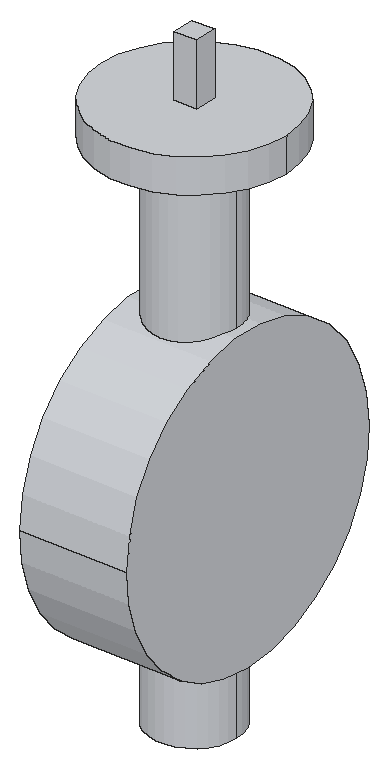
Revit family "HS497-68_disk-nerez_volné vřeteno DN080-RFA_2019", category Pipe Accessories, Revit 2019
Family settings
  Round Connector Dimension = Use Diameter
  Part Type = Valve - Breaks Into
  Work Plane-Based = No
  Always vertical = Yes
  Cut with Voids When Loaded = No
  Shared = No
Parameters (values of type "HS 497-68_DN100_PN16_volné vřeteno")
  magiProductId = "65d1b245f4f142c78569c0602d5754"
  magiProductFamilyId = "53cea81e6f374d17b8841d9c72ad77"
  magiPartTypeId = 305
  isMeasuringValve [instance] = no
  ang2D [instance] = 0.00°
  X11 = 61.456 mm
  X1 = 25.456 mm
  W2D = 1000 mm
  VersionID = "2.0/2017.9.26.1/ZETKAMA_497_001"
  Use Minimum Symbol Size [instance] = yes
  URL = "http://www.hydronic.cz"
  Type Comments = "mezipřírubová; nerezový disk; PN16; -10~+110°C (krátkodobě +120°C)"
  SW30 = no
  SW3 = no
  SW21 = no
  SW20 = no
  SW2 = no
  SW1 = yes
  R = 50 mm
  QmdConnectorList = "301;D;302;D"
  Productdata [instance] = ""
  NC = 50 mm
  Manufacturer = "Hydronic Systems Prague s.r.o."
  MM20 = 25.456 mm
  MC Product Code = "124 100 (nerezový disk, s volným vřetenem; DN100; PN16, kvs512)"
  M41 = 66 mm
  M4 = 44 mm
  LHL = 220 mm
  LHH3 = 2.45 mm
  LHH1 = 46.55 mm
  LH1 = 73.333 mm
  L4R__ve = -L4R  # -12.8 mm
  L4R = 12.8 mm
  L42__ve = -L42  # -96 mm
  L42 = 96 mm
  L41__ve = -L41  # -19.2 mm
  L41 = 19.2 mm
  L2D_Min = 3048 mm
  L2D = 216 mm
  L2 = 26 mm
  L1 = 41.6 mm
  L = 52 mm
  H = 30 mm
  G22 = 11.25 mm
  G2 = 22.5 mm
  G1 = 90 mm
  G = 90 mm
  F = 11 mm
  E44 = 31.25 mm
  E42 = 62.5 mm
  E4 = 125 mm
  E23 = 4.9 mm
  E22 = 19.6 mm
  E21 = 9.8 mm
  Description = "Mezipřírubová uzavírací klapka s volným vřetenem; nerezový disk, DN100; PN16; kvs512"
  DR2 = 50 mm
  DR = 147 mm
  DD1 = 15.625 mm
  DD = 12.5 mm
  D = 100 mm
  CAT0 = yes
  B2__ve = -B2  # -56 mm
  B2 = 56 mm
  A2 = 16.5 mm
  A1 = 98.5 mm
Types (43, lengths in mm): name | magiProductId | X11 | X1 | Type Comments | SW30 | SW3 | SW20 | SW2 | SW1 | R | NC | Manufacturer | MM20 | MC Product Code | M41 | M4 | LHL | LHH3 | LHH1 | LH1 | L4R__ve | L4R | L42__ve | L42 | L41__ve | L41 | L2 | L1 | L | H | G | F | E44 | E42 | E4 | E23 | E22 | E21 | Description | DR2 | DR | DD1 | DD | D | B2__ve | B2 | A2 | A1
  HS 497-68_DN100_PN16_volné vřeteno | "65d1b245f4f142c78569c0602d5754" | 61.456 | 25.456 | "mezipřírubová; nerezový disk; PN16; -10~+110°C (krátkodobě +120°C)" | no | no | no | no | yes | 50 | 50 | "Hydronic Systems Prague s.r.o." | 25.456 | "124 100 (nerezový disk, s volným vřetenem; DN100; PN16, kvs512)" | 66 | 44 | 220 | 2.45 | 46.55 | 73.333 | -12.8 | 12.8 | -96 | 96 | -19.2 | 19.2 | 26 | 41.6 | 52 | 30 | 90 | 11 | 31.25 | 62.5 | 125 | 4.9 | 19.6 | 9.8 | "Mezipřírubová uzavírací klapka s volným vřetenem; nerezový disk, DN100; PN16; kvs512" | 50 | 147 | 15.625 | 12.5 | 100 | -56 | 56 | 16.5 | 98.5
  HS 497-68_DN100_PN16_převodové kolo | "11e91b807e674d428c8e796fcdcfe2" | 61.456 | 25.456 | "mezipřírubová; nerezový disk; PN16; -10~+110°C (krátkodobě +120°C)" | yes | yes | no | no | no | 50 | 50 | "Hydronic Systems Prague s.r.o." | 25.456 | "126 100 (nerezový disk, s převodovým kolem; DN100; PN16, kvs512)" | 65.25 | 43.5 | 220 | 2.45 | 46.55 | 73.333 | -12.8 | 12.8 | -96 | 96 | -19.2 | 19.2 | 26 | 41.6 | 52 | 30 | 90 | 11 | 31.25 | 62.5 | 125 | 4.9 | 19.6 | 9.8 | "Mezipřírubová uzavírací klapka s převodovým kolem; nerezový disk, DN100; PN16; kvs512" | 50 | 147 | 15.625 | 12.5 | 100 | -56 | 56 | 16.5 | 98.5
  HS 497-68_DN100_PN16_s pákou | "28172f0b3f4b47b28323ac71cf8749" | 61.456 | 25.456 | "mezipřírubová; nerezový disk; PN16; -10~+110°C (krátkodobě +120°C)" | no | no | yes | yes | no | 50 | 50 | "Hydronic Systems Prague s.r.o." | 25.456 | "121 100 (nerezový disk, s pákou; DN100; PN16, kvs512)" | 66 | 44 | 260 | 3 | 57 | 86.667 | -12.8 | 12.8 | -96 | 96 | -19.2 | 19.2 | 26 | 41.6 | 52 | 30 | 90 | 11 | 31.25 | 62.5 | 125 | 6 | 24 | 12 | "Mezipřírubová uzavírací klapka s pákou; nerezový disk, DN100; PN16; kvs512" | 50 | 147 | 15.625 | 12.5 | 100 | -56 | 56 | 16.5 | 98.5
  HS 497-68_DN125_PN16_volné vřeteno | "0d813d910fc14f628bb3c2efbd185c" | 61.456 | 25.456 | "mezipřírubová; nerezový disk; PN16; -10~+110°C (krátkodobě +120°C)" | no | no | no | no | yes | 62.5 | 50 | "Hydronic Systems Prague s.r.o." | 25.456 | "124 125 (nerezový disk, s volným vřetenem; DN125; PN16, kvs872)" | 66 | 44 | 220 | 2.45 | 46.55 | 73.333 | -12.8 | 12.8 | -96 | 96 | -19.2 | 19.2 | 28 | 44.8 | 56 | 33 | 90 | 14 | 31.25 | 62.5 | 125 | 4.9 | 19.6 | 9.8 | "Mezipřírubová uzavírací klapka s volným vřetenem; nerezový disk, DN125; PN16; kvs872" | 62.5 | 180 | 15.625 | 12.5 | 125 | -64 | 64 | 18 | 99.5
  HS 497-68_DN125_PN16_převodové kolo | "c56b7c13f372467684996fb1e0e229" | 61.456 | 25.456 | "mezipřírubová; nerezový disk; PN16; -10~+110°C (krátkodobě +120°C)" | yes | yes | no | no | no | 62.5 | 50 | "Hydronic Systems Prague s.r.o." | 25.456 | "126125 (nerezový disk, s převodovým kolem; DN125; PN16, kvs872)" | 65.25 | 43.5 | 220 | 2.45 | 46.55 | 73.333 | -13.5 | 13.5 | -101.25 | 101.25 | -20.25 | 20.25 | 28 | 44.8 | 56 | 33 | 90 | 14 | 40 | 80 | 160 | 4.9 | 19.6 | 9.8 | "Mezipřírubová uzavírací klapka s převodovým kolem; nerezový disk, DN125; PN16; kvs872" | 62.5 | 180 | 20 | 16 | 125 | -64 | 64 | 18 | 99.5
  HS 497-68_DN125_PN16_s pákou | "105993c79a91492399feef7931321a" | 61.456 | 25.456 | "mezipřírubová; nerezový disk; PN16; -10~+110°C (krátkodobě +120°C)" | no | no | yes | yes | no | 62.5 | 50 | "Hydronic Systems Prague s.r.o." | 25.456 | "121 125 (nerezový disk, s pákou; DN125; PN16, kvs872)" | 66 | 44 | 315 | 3.75 | 71.25 | 105 | -12.8 | 12.8 | -96 | 96 | -19.2 | 19.2 | 28 | 44.8 | 56 | 33 | 90 | 14 | 31.25 | 62.5 | 125 | 7.5 | 30 | 15 | "Mezipřírubová uzavírací klapka s pákou; nerezový disk, DN125; PN16; kvs872" | 62.5 | 180 | 15.625 | 12.5 | 125 | -64 | 64 | 18 | 99.5
  HS 497-68_DN150_PN16_volné vřeteno | "50c80cb8ab434f55ab7796e5ac1331" | 61.456 | 25.456 | "mezipřírubová; nerezový disk; PN16; -10~+110°C (krátkodobě +120°C)" | no | no | no | no | yes | 75 | 50 | "Hydronic Systems Prague s.r.o." | 25.456 | "124 150 (nerezový disk, s volným vřetenem; DN150; PN16, kvs1347)" | 66 | 44 | 220 | 2.45 | 46.55 | 73.333 | -12.8 | 12.8 | -96 | 96 | -19.2 | 19.2 | 28 | 44.8 | 56 | 33 | 90 | 14 | 31.25 | 62.5 | 125 | 4.9 | 19.6 | 9.8 | "Mezipřírubová uzavírací klapka s volným vřetenem; nerezový disk, DN150; PN16; kvs1347" | 75 | 206 | 15.625 | 12.5 | 150 | -58 | 58 | 19.3 | 98.7
  HS 497-68_DN150_PN16_převodové kolo | "d94a1a0cf83b476eb10011b327f709" | 61.456 | 25.456 | "mezipřírubová; nerezový disk; PN16; -10~+110°C (krátkodobě +120°C)" | yes | yes | no | no | no | 75 | 50 | "Hydronic Systems Prague s.r.o." | 25.456 | "126 150 (nerezový disk, s převodovým kolem; DN150; PN16, kvs1347)" | 65.25 | 43.5 | 220 | 2.45 | 46.55 | 73.333 | -13.5 | 13.5 | -101.25 | 101.25 | -20.25 | 20.25 | 28 | 44.8 | 56 | 33 | 90 | 14 | 40 | 80 | 160 | 4.9 | 19.6 | 9.8 | "Mezipřírubová uzavírací klapka s převodovým kolem; nerezový disk, DN150; PN16; kvs1347" | 75 | 206 | 20 | 16 | 150 | -58 | 58 | 19.3 | 98.7
  HS 497-68_DN150_PN16_s pákou | "4d2835523fe84828bc50ff0a5a0dfb" | 61.456 | 25.456 | "mezipřírubová; nerezový disk; PN16; -10~+110°C (krátkodobě +120°C)" | no | no | yes | yes | no | 75 | 50 | "Hydronic Systems Prague s.r.o." | 25.456 | "121 150 (nerezový disk, s pákou; DN150; PN16, kvs1347)" | 66 | 44 | 315 | 3.75 | 71.25 | 105 | -12.8 | 12.8 | -96 | 96 | -19.2 | 19.2 | 28 | 44.8 | 56 | 33 | 90 | 14 | 31.25 | 62.5 | 125 | 7.5 | 30 | 15 | "Mezipřírubová uzavírací klapka s pákou; nerezový disk, DN150; PN16; kvs1347" | 75 | 206 | 15.625 | 12.5 | 150 | -58 | 58 | 19.3 | 98.7
  HS 497-68_DN200_PN16_volné vřeteno | "5b29029eaeba47139ee1055a4b9201" | 61.456 | 25.456 | "mezipřírubová; nerezový disk; PN16; -10~+110°C (krátkodobě +120°C)" | no | no | no | no | yes | 100 | 50 | "Hydronic Systems Prague s.r.o." | 25.456 | "124 200 (nerezový disk, s volným vřetenem; DN200; PN16, kvs2675)" | 66 | 44 | 220 | 2.45 | 46.55 | 73.333 | -12.8 | 12.8 | -96 | 96 | -19.2 | 19.2 | 30 | 48 | 60 | 33 | 90 | 17 | 31.25 | 62.5 | 125 | 4.9 | 19.6 | 9.8 | "Mezipřírubová uzavírací klapka s volným vřetenem; nerezový disk, DN200; PN16; kvs2675" | 100 | 257 | 15.625 | 12.5 | 200 | -70 | 70 | 22.5 | 102.5
  HS 497-68_DN200_PN16_převodové kolo | "b2793cc1fcc44cf2a35062cd67c04f" | 61.456 | 25.456 | "mezipřírubová; nerezový disk; PN16; -10~+110°C (krátkodobě +120°C)" | yes | yes | no | no | no | 100 | 57 | "Hydronic Systems Prague s.r.o." | 25.456 | "126 200 (nerezový disk, s převodovým kolem; DN200; PN16, kvs2675)" | 78.75 | 52.5 | 220 | 2.45 | 46.55 | 73.333 | -15.2 | 15.2 | -114 | 114 | -22.8 | 22.8 | 30 | 48 | 60 | 33 | 90 | 17 | 50 | 100 | 200 | 4.9 | 19.6 | 9.8 | "Mezipřírubová uzavírací klapka s převodovým kolem; nerezový disk, DN200; PN16; kvs2675" | 100 | 257 | 25 | 20 | 200 | -70 | 70 | 22.5 | 102.5
  HS 497-68_DN200_PN16_s pákou | "f88d96c7af224537a51e72d7d8fffe" | 61.456 | 25.456 | "mezipřírubová; nerezový disk; PN16; -10~+110°C (krátkodobě +120°C)" | no | no | yes | yes | no | 100 | 50 | "Hydronic Systems Prague s.r.o." | 25.456 | "121 200 (nerezový disk, s pákou; DN200; PN16, kvs2675)" | 66 | 44 | 315 | 3.75 | 71.25 | 105 | -12.8 | 12.8 | -96 | 96 | -19.2 | 19.2 | 30 | 48 | 60 | 33 | 90 | 17 | 31.25 | 62.5 | 125 | 7.5 | 30 | 15 | "Mezipřírubová uzavírací klapka s pákou; nerezový disk, DN200; PN16; kvs2675" | 100 | 257 | 15.625 | 12.5 | 200 | -70 | 70 | 22.5 | 102.5
  HS 497-68_DN250_PN16_volné vřeteno | "b662e8305ca2402b9c510e66e6aa55" | 88.77 | 36.77 | "mezipřírubová; nerezový disk; PN16; -10~+110°C (krátkodobě +120°C)" | no | no | no | no | yes | 125 | 50 | "Hydronic Systems Prague s.r.o." | 36.77 | "124 250 (nerezový disk, s volným vřetenem; DN250; PN16, kvs4555)" | 66 | 44 | 220 | 2.45 | 46.55 | 73.333 | -12.8 | 12.8 | -96 | 96 | -19.2 | 19.2 | 34 | 54.4 | 68 | 23 | 130 | 22 | 31.25 | 62.5 | 125 | 4.9 | 19.6 | 9.8 | "Mezipřírubová uzavírací klapka s volným vřetenem; nerezový disk, DN250; PN16; kvs4555" | 125 | 324 | 15.625 | 12.5 | 250 | -85 | 85 | 28.25 | 129.25
  HS 497-68_DN250_PN16_převodové kolo | "5ee9016806664ddfaa2632711f295c" | 88.77 | 36.77 | "mezipřírubová; nerezový disk; PN16; -10~+110°C (krátkodobě +120°C)" | yes | yes | no | no | no | 125 | 70 | "Hydronic Systems Prague s.r.o." | 36.77 | "126 250 (nerezový disk, s převodovým kolem; DN250; PN16, kvs4555)" | 91.5 | 61 | 220 | 2.45 | 46.55 | 73.333 | -22.2 | 22.2 | -166.5 | 166.5 | -33.3 | 33.3 | 34 | 54.4 | 68 | 23 | 130 | 22 | 62.5 | 125 | 250 | 4.9 | 19.6 | 9.8 | "Mezipřírubová uzavírací klapka s převodovým kolem; nerezový disk, DN250; PN16; kvs4555" | 125 | 324 | 31.25 | 25 | 250 | -85 | 85 | 28.25 | 129.25
  HS 497-68_DN300_PN16_volné vřeteno | "e1886f51ff004380a649519258edf2" | 88.77 | 36.77 | "mezipřírubová; nerezový disk; PN16; -10~+110°C (krátkodobě +120°C)" | no | no | no | no | yes | 150 | 50 | "Hydronic Systems Prague s.r.o." | 36.77 | "124 300 (nerezový disk, s volným vřetenem; DN300; PN16, kvs7037)" | 66 | 44 | 220 | 2.45 | 46.55 | 73.333 | -12.8 | 12.8 | -96 | 96 | -19.2 | 19.2 | 39 | 62.4 | 78 | 23 | 130 | 22 | 31.25 | 62.5 | 125 | 4.9 | 19.6 | 9.8 | "Mezipřírubová uzavírací klapka s volným vřetenem; nerezový disk, DN300; PN16; kvs7037" | 150 | 376 | 15.625 | 12.5 | 300 | -90 | 90 | 30.8 | 127.2
  HS 497-68_DN300_PN16_převodové kolo | "6860f094f77d42088fbebc3c97f755" | 88.77 | 36.77 | "mezipřírubová; nerezový disk; PN16; -10~+110°C (krátkodobě +120°C)" | yes | yes | no | no | no | 150 | 70 | "Hydronic Systems Prague s.r.o." | 36.77 | "126 300 (nerezový disk, s převodovým kolem; DN300; PN16, kvs7037)" | 91.5 | 61 | 220 | 2.45 | 46.55 | 73.333 | -22.2 | 22.2 | -166.5 | 166.5 | -33.3 | 33.3 | 39 | 62.4 | 78 | 23 | 130 | 22 | 62.5 | 125 | 250 | 4.9 | 19.6 | 9.8 | "Mezipřírubová uzavírací klapka s převodovým kolem; nerezový disk, DN300; PN16; kvs7037" | 150 | 376 | 31.25 | 25 | 300 | -90 | 90 | 30.8 | 127.2
  HS 497-68_DN032_PN16_volné vřeteno | "8c5f65de52aa4067a77564107e31b2" | 61.456 | 25.456 | "mezipřírubová; nerezový disk; PN16; -10~+110°C (krátkodobě +120°C)" | no | no | no | no | yes | 16 | 50 | "Hydronic Systems Prague s.r.o." | 25.456 | "124 032 (nerezový disk, s volným vřetenem; DN32; PN16, kvs78)" | 66 | 44 | 220 | 2.45 | 46.55 | 73.333 | -12.8 | 12.8 | -96 | 96 | -19.2 | 19.2 | 16.5 | 26.4 | 33 | 30 | 90 | 11 | 31.25 | 62.5 | 125 | 4.9 | 19.6 | 9.8 | "Mezipřírubová uzavírací klapka s volným vřetenem; nerezový disk, DN32; PN16; kvs78" | 16 | 68 | 15.625 | 12.5 | 32 | -44.2 | 44.2 | 10.25 | 76.25
  HS 497-68_DN032_PN16_převodové kolo | "60aaeffa8b3a4e809ef000e4660060" | 61.456 | 25.456 | "mezipřírubová; nerezový disk; PN16; -10~+110°C (krátkodobě +120°C)" | yes | yes | no | no | no | 16 | 50 | "Hydronic Systems Prague s.r.o." | 25.456 | "126 032 (nerezový disk, s převodovým kolem; DN32; PN16, kvs78)" | 65.25 | 43.5 | 220 | 2.45 | 46.55 | 73.333 | -12.8 | 12.8 | -96 | 96 | -19.2 | 19.2 | 16.5 | 26.4 | 33 | 30 | 90 | 11 | 31.25 | 62.5 | 125 | 4.9 | 19.6 | 9.8 | "Mezipřírubová uzavírací klapka s převodovým kolem; nerezový disk, DN32; PN16; kvs78" | 16 | 68 | 15.625 | 12.5 | 32 | -44.2 | 44.2 | 10.25 | 76.25
  HS 497-68_DN032_PN16_s pákou | "9ad8088d610749a1b871aa2aad8007" | 61.456 | 25.456 | "mezipřírubová; nerezový disk; PN16; -10~+110°C (krátkodobě +120°C)" | no | no | yes | yes | no | 16 | 50 | "Hydronic Systems Prague s.r.o." | 25.456 | "121 032 (nerezový disk, s pákou; DN32; PN16, kvs78)" | 66 | 44 | 220 | 2.45 | 46.55 | 73.333 | -12.8 | 12.8 | -96 | 96 | -19.2 | 19.2 | 16.5 | 26.4 | 33 | 30 | 90 | 11 | 31.25 | 62.5 | 125 | 4.9 | 19.6 | 9.8 | "Mezipřírubová uzavírací klapka s pákou; nerezový disk, DN32; PN16; kvs78" | 16 | 68 | 15.625 | 12.5 | 32 | -44.2 | 44.2 | 10.25 | 76.25
  HS 497-68_DN350_PN10_volné vřeteno | "72a1e05f22944421b7e9596a877137" | 109.255 | 45.255 | "mezipřírubová; nerezový disk; PN10; -10~+110°C (krátkodobě +120°C)" | no | no | no | no | yes | 175 | 50 | "Hydronic Systems Prague s.r.o." | 45.255 | "124 350 (nerezový disk, s volným vřetenem; DN350; PN10, kvs10165)" | 66 | 44 | 220 | 2.45 | 46.55 | 73.333 | -12.8 | 12.8 | -96 | 96 | -19.2 | 19.2 | 39 | 62.4 | 78 | 31 | 160 | 22 | 31.25 | 62.5 | 125 | 4.9 | 19.6 | 9.8 | "Mezipřírubová uzavírací klapka s volným vřetenem; nerezový disk, DN350; PN10; kvs10165" | 175 | 430 | 15.625 | 12.5 | 350 | -88 | 88 | 33.85 | 129.65
  HS 497-68_DN350_PN10_převodové kolo | "a5a01426cb28494ba3afca92f1dace" | 109.255 | 45.255 | "mezipřírubová; nerezový disk; PN10; -10~+110°C (krátkodobě +120°C)" | yes | yes | no | no | no | 175 | 70 | "Hydronic Systems Prague s.r.o." | 45.255 | "126 350 (nerezový disk, s převodovým kolem; DN350; PN10, kvs10165)" | 91.5 | 61 | 220 | 2.45 | 46.55 | 73.333 | -22.2 | 22.2 | -166.5 | 166.5 | -33.3 | 33.3 | 39 | 62.4 | 78 | 31 | 160 | 22 | 62.5 | 125 | 250 | 4.9 | 19.6 | 9.8 | "Mezipřírubová uzavírací klapka s převodovým kolem; nerezový disk, DN350; PN10; kvs10165" | 175 | 430 | 31.25 | 25 | 350 | -88 | 88 | 33.85 | 129.65
  HS 497-68_DN400_PN10_volné vřeteno | "c70ebeb927c04ab99b176e257ad0a7" | 109.255 | 45.255 | "mezipřírubová; nerezový disk; PN10; -10~+110°C (krátkodobě +120°C)" | no | no | no | no | yes | 200 | 50 | "Hydronic Systems Prague s.r.o." | 45.255 | "124 400 (nerezový disk, s volným vřetenem; DN400; PN10, kvs13799)" | 66 | 44 | 220 | 2.45 | 46.55 | 73.333 | -12.8 | 12.8 | -96 | 96 | -19.2 | 19.2 | 51 | 81.6 | 102 | 31 | 160 | 27 | 31.25 | 62.5 | 125 | 4.9 | 19.6 | 9.8 | "Mezipřírubová uzavírací klapka s volným vřetenem; nerezový disk, DN400; PN10; kvs13799" | 200 | 485 | 15.625 | 12.5 | 400 | -108 | 108 | 38 | 142
  HS 497-68_DN400_PN10_převodové kolo | "cc64a4384dcb41b780d81810f4f293" | 109.255 | 45.255 | "mezipřírubová; nerezový disk; PN10; -10~+110°C (krátkodobě +120°C)" | yes | yes | no | no | no | 200 | 72.5 | "Hydronic Systems Prague s.r.o." | 45.255 | "126 400 (nerezový disk, s převodovým kolem; DN400; PN10, kvs13799)" | 103.5 | 69 | 220 | 2.45 | 46.55 | 73.333 | -27.8 | 27.8 | -208.5 | 208.5 | -41.7 | 41.7 | 51 | 81.6 | 102 | 31 | 160 | 27 | 75 | 150 | 300 | 4.9 | 19.6 | 9.8 | "Mezipřírubová uzavírací klapka s převodovým kolem; nerezový disk, DN400; PN10; kvs13799" | 200 | 485 | 37.5 | 30 | 400 | -108 | 108 | 38 | 142
  HS 497-68_DN040_PN16_volné vřeteno | "35f92312390745e88df5b5c325d9ee" | 61.456 | 25.456 | "mezipřírubová; nerezový disk; PN16; -10~+110°C (krátkodobě +120°C)" | no | no | no | no | yes | 20 | 50 | "Hydronic Systems Prague s.r.o." | 25.456 | "124 040 (nerezový disk, s volným vřetenem; DN40; PN16, kvs78)" | 66 | 44 | 220 | 2.45 | 46.55 | 73.333 | -12.8 | 12.8 | -96 | 96 | -19.2 | 19.2 | 16.5 | 26.4 | 33 | 30 | 90 | 11 | 31.25 | 62.5 | 125 | 4.9 | 19.6 | 9.8 | "Mezipřírubová uzavírací klapka s volným vřetenem; nerezový disk, DN40; PN16; kvs78" | 20 | 76 | 15.625 | 12.5 | 40 | -36 | 36 | 11 | 79
  HS 497-68_DN040_PN16_převodové kolo | "d88e968eae3445bc9b7b4e6ff35127" | 61.456 | 25.456 | "mezipřírubová; nerezový disk; PN16; -10~+110°C (krátkodobě +120°C)" | yes | yes | no | no | no | 20 | 50 | "Hydronic Systems Prague s.r.o." | 25.456 | "126 040 (nerezový disk, s převodovým kolem; DN40; PN16, kvs78)" | 65.25 | 43.5 | 220 | 2.45 | 46.55 | 73.333 | -12.8 | 12.8 | -96 | 96 | -19.2 | 19.2 | 16.5 | 26.4 | 33 | 30 | 90 | 11 | 31.25 | 62.5 | 125 | 4.9 | 19.6 | 9.8 | "Mezipřírubová uzavírací klapka s převodovým kolem; nerezový disk, DN40; PN16; kvs78" | 20 | 76 | 15.625 | 12.5 | 40 | -36 | 36 | 11 | 79
  HS 497-68_DN040_PN16_s pákou | "c1b522ca65b4407a98818f232eaacb" | 61.456 | 25.456 | "mezipřírubová; nerezový disk; PN16; -10~+110°C (krátkodobě +120°C)" | no | no | yes | yes | no | 20 | 50 | "Hydronic Systems Prague s.r.o." | 25.456 | "121 040 (nerezový disk, s pákou; DN40; PN16, kvs78)" | 66 | 44 | 220 | 2.45 | 46.55 | 73.333 | -12.8 | 12.8 | -96 | 96 | -19.2 | 19.2 | 16.5 | 26.4 | 33 | 30 | 90 | 11 | 31.25 | 62.5 | 125 | 4.9 | 19.6 | 9.8 | "Mezipřírubová uzavírací klapka s pákou; nerezový disk, DN40; PN16; kvs78" | 20 | 76 | 15.625 | 12.5 | 40 | -36 | 36 | 11 | 79
  HS 497-68_DN450_PN10_volné vřeteno | "a8358bc282f14872b3194e530e590a" | 129.74 | 53.74 | "mezipřírubová; nerezový disk; PN10; -10~+110°C (krátkodobě +120°C)" | no | no | no | no | yes | 225 | 50 | "Hydronic Systems Prague s.r.o." | 53.74 | "124 450 (nerezový disk, s volným vřetenem; DN450; PN10, kvs18514)" | 66 | 44 | 220 | 2.45 | 46.55 | 73.333 | -12.8 | 12.8 | -96 | 96 | -19.2 | 19.2 | 57 | 91.2 | 114 | 38 | 190 | 36 | 31.25 | 62.5 | 125 | 4.9 | 19.6 | 9.8 | "Mezipřírubová uzavírací klapka s volným vřetenem; nerezový, DN450; PN10; kvs18514" | 225 | 536 | 15.625 | 12.5 | 450 | -115 | 115 | 38.05 | 117.45
  HS 497-68_DN450_PN10_převodové kolo | "cdf2d80f54a9414f9cbe50647c0ebd" | 129.74 | 53.74 | "mezipřírubová; nerezový disk; PN10; -10~+110°C (krátkodobě +120°C)" | yes | yes | no | no | no | 225 | 91.5 | "Zetkama" | 53.74 | "126 450 (nerezový disk, s převodovým kolem; DN450; PN10, kvs18514)" | 144.75 | 96.5 | 220 | 2.45 | 46.55 | 73.333 | -32.1 | 32.1 | -240.75 | 240.75 | -48.15 | 48.15 | 57 | 91.2 | 114 | 38 | 190 | 36 | 100 | 200 | 400 | 4.9 | 19.6 | 9.8 | "Mezipřírubová uzavírací klapka s převodovým kolem; nerezový disk, DN450; PN10; kvs18514" | 225 | 536 | 50 | 40 | 450 | -115 | 115 | 38.05 | 117.45
  HS 497-68_DN500_PN10_volné vřeteno | "8c396e27bb2743f98f3c762b6517cd" | 143.397 | 59.397 | "mezipřírubová; nerezový disk; PN10; -10~+110°C (krátkodobě +120°C)" | no | no | no | no | yes | 250 | 50 | "Hydronic Systems Prague s.r.o." | 59.397 | "124 500 (nerezový disk, s volným vřetenem; DN500; PN10, kvs23805)" | 66 | 44 | 220 | 2.45 | 46.55 | 73.333 | -12.8 | 12.8 | -96 | 96 | -19.2 | 19.2 | 63.5 | 101.6 | 127 | 38 | 210 | 36 | 31.25 | 62.5 | 125 | 4.9 | 19.6 | 9.8 | "Mezipřírubová uzavírací klapka s volným vřetenem; nerezový disk, DN500; PN10; kvs23805" | 250 | 593 | 15.625 | 12.5 | 500 | -130 | 130 | 43.25 | 139.25
  HS 497-68_DN500_PN10_převodové kolo | "7647804f32e94cef828a7034a91a46" | 143.397 | 59.397 | "mezipřírubová; nerezový disk; PN10; -10~+110°C (krátkodobě +120°C)" | yes | yes | no | no | no | 250 | 91.5 | "Zetkama" | 59.397 | "126 500 (nerezový disk, s převodovým kolem; DN500; PN10, kvs23805)" | 144.75 | 96.5 | 220 | 2.45 | 46.55 | 73.333 | -32.1 | 32.1 | -240.75 | 240.75 | -48.15 | 48.15 | 63.5 | 101.6 | 127 | 38 | 210 | 36 | 100 | 200 | 400 | 4.9 | 19.6 | 9.8 | "Mezipřírubová uzavírací klapka s převodovým kolem; nerezový disk, DN500; PN10; kvs23805" | 250 | 593 | 50 | 40 | 500 | -130 | 130 | 43.25 | 139.25
  HS 497-68_DN050_volné vřeteno | "d71f296ecd6d4adf8f6e5d9853b4e0" | 61.456 | 25.456 | "mezipřírubová; nerezový disk; PN16; -10~+110°C (krátkodobě +120°C)" | no | no | no | no | yes | 25 | 50 | "Hydronic Systems Prague s.r.o." | 25.456 | "124 050 (nerezový disk, s volným vřetenem; DN50; PN16, kvs98)" | 66 | 44 | 220 | 2.45 | 46.55 | 73.333 | -12.8 | 12.8 | -96 | 96 | -19.2 | 19.2 | 21.5 | 34.4 | 43 | 30 | 90 | 11 | 31.25 | 62.5 | 125 | 4.9 | 19.6 | 9.8 | "Mezipřírubová uzavírací klapka s volným vřetenem; nerezový disk, DN50; PN16; kvs98" | 25 | 100 | 15.625 | 12.5 | 50 | -36.5 | 36.5 | 12 | 83
  HS 497-68_DN050_PN16_převodové kolo | "2fb080deeaed49c58418b94c1da5a4" | 61.456 | 25.456 | "mezipřírubová; nerezový disk; PN16; -10~+110°C (krátkodobě +120°C)" | yes | yes | no | no | no | 25 | 50 | "Hydronic Systems Prague s.r.o." | 25.456 | "126 050 (nerezový disk, s převodovým kolem; DN50; PN16, kvs98)" | 65.25 | 43.5 | 220 | 2.45 | 46.55 | 73.333 | -12.8 | 12.8 | -96 | 96 | -19.2 | 19.2 | 21.5 | 34.4 | 43 | 30 | 90 | 11 | 31.25 | 62.5 | 125 | 4.9 | 19.6 | 9.8 | "Mezipřírubová uzavírací klapka s převodovým kolem; nerezový disk, DN50; PN16; kvs98" | 25 | 100 | 15.625 | 12.5 | 50 | -36.5 | 36.5 | 12 | 83
  HS 497-68_DN050_PN16_s pákou | "dabc632061f94877a994b9b4e68112" | 61.456 | 25.456 | "mezipřírubová; nerezový disk; PN16; -10~+110°C (krátkodobě +120°C)" | no | no | yes | yes | no | 25 | 50 | "Hydronic Systems Prague s.r.o." | 25.456 | "121 050 (nerezový disk, s pákou; DN50; PN16, kvs98)" | 66 | 44 | 220 | 2.45 | 46.55 | 73.333 | -12.8 | 12.8 | -96 | 96 | -19.2 | 19.2 | 21.5 | 34.4 | 43 | 30 | 90 | 11 | 31.25 | 62.5 | 125 | 4.9 | 19.6 | 9.8 | "Mezipřírubová uzavírací klapka s pákou; nerezový disk, DN50; PN16; kvs98" | 25 | 100 | 15.625 | 12.5 | 50 | -36.5 | 36.5 | 12 | 83
  HS 497-68_DN600_PN10_volné vřeteno | "99d5892c14664fce81a7c5903f7711" | 143.397 | 59.397 | "mezipřírubová; nerezový disk; PN10; -10~+110°C (krátkodobě +120°C)" | no | no | no | no | yes | 300 | 50 | "Hydronic Systems Prague s.r.o." | 59.397 | "124 600 (nerezový disk, s volným vřetenem; DN600; PN10, kvs36778)" | 66 | 44 | 220 | 2.45 | 46.55 | 73.333 | -12.8 | 12.8 | -96 | 96 | -19.2 | 19.2 | 77 | 123.2 | 154 | 80 | 210 | 60 | 31.25 | 62.5 | 125 | 4.9 | 19.6 | 9.8 | "Mezipřírubová uzavírací klapka s volným vřetenem; nerezový disk, DN600; PN10; kvs36788" | 300 | 690 | 15.625 | 12.5 | 600 | -140 | 140 | 49.4 | 144.6
  HS 497-68_DN600_PN10_převodové kolo | "b1e26faab48a4c499f6bb11e7e3002" | 143.397 | 59.397 | "mezipřírubová; lnerezový disk; PN10; -10~+110°C (krátkodobě +120°C)" | yes | yes | no | no | no | 300 | 140 | "Hydronic Systems Prague s.r.o." | 59.397 | "126 600 (nerezový disk, s převodovým kolem; DN600; PN10, kvs36778)" | 206.25 | 137.5 | 220 | 2.45 | 46.55 | 73.333 | -40.8 | 40.8 | -306 | 306 | -61.2 | 61.2 | 77 | 123.2 | 154 | 80 | 210 | 60 | 125 | 250 | 500 | 4.9 | 19.6 | 9.8 | "Mezipřírubová uzavírací klapka s převodovým kolem; nerezový disk, DN600; PN10; kvs36788" | 300 | 690 | 62.5 | 50 | 600 | -140 | 140 | 49.4 | 144.6
  HS 497-68_DN065_PN16_volné vřeteno | "5e5e208646e34ec29f889baab5d08e" | 61.456 | 25.456 | "mezipřírubová; lnerezový disk; PN16; -10~+110°C (krátkodobě +120°C)" | no | no | no | no | yes | 32.5 | 50 | "Hydronic Systems Prague s.r.o." | 25.456 | "124 065 (nerezový disk, s volným vřetenem; DN65; PN16, kvs167)" | 66 | 44 | 220 | 2.45 | 46.55 | 73.333 | -12.8 | 12.8 | -96 | 96 | -19.2 | 19.2 | 23 | 36.8 | 46 | 30 | 90 | 11 | 31.25 | 62.5 | 125 | 4.9 | 19.6 | 9.8 | "Mezipřírubová uzavírací klapka s volným vřetenem; nerezový disk, DN65; PN16; kv167" | 32.5 | 108 | 15.625 | 12.5 | 65 | -36.5 | 36.5 | 13.5 | 89
  HS 497-68_DN065_PN16_převodové kolo | "654d74c8d15540b0bfe523d988ccb3" | 61.456 | 25.456 | "mezipřírubová; nerezový disk; PN16; -10~+110°C (krátkodobě +120°C)" | yes | yes | no | no | no | 32.5 | 50 | "Hydronic Systems Prague s.r.o." | 25.456 | "126 065 (nerezový disk, s převodovým kolem; DN65; PN16, kvs167)" | 65.25 | 43.5 | 220 | 2.45 | 46.55 | 73.333 | -12.8 | 12.8 | -96 | 96 | -19.2 | 19.2 | 23 | 36.8 | 46 | 30 | 90 | 11 | 31.25 | 62.5 | 125 | 4.9 | 19.6 | 9.8 | "Mezipřírubová uzavírací klapka s převodovým kolem; nerezový disk, DN65; PN16; kvs167" | 32.5 | 108 | 15.625 | 12.5 | 65 | -36.5 | 36.5 | 13.5 | 89
  HS 497-68_DN065_PN16_s pákou | "ebeb4b59db0641caaf6d6635ab37b9" | 61.456 | 25.456 | "mezipřírubová; nerezový disk; PN16; -10~+110°C (krátkodobě +120°C)" | no | no | yes | yes | no | 32.5 | 50 | "Hydronic Systems Prague s.r.o." | 25.456 | "121 065 (nerezový disk, s pákou; DN65; PN16, kvs167)" | 66 | 44 | 220 | 2.45 | 46.55 | 73.333 | -12.8 | 12.8 | -96 | 96 | -19.2 | 19.2 | 23 | 36.8 | 46 | 30 | 90 | 11 | 31.25 | 62.5 | 125 | 4.9 | 19.6 | 9.8 | "Mezipřírubová uzavírací klapka s pákou; nerezový disk, DN65; PN16; kvs167" | 32.5 | 108 | 15.625 | 12.5 | 65 | -36.5 | 36.5 | 13.5 | 89
  HS 497-68_DN080_PN16_volné vřeteno | "9e85c75c18654e1185a9c48ed6b00e" | 61.456 | 25.456 | "mezipřírubová; nerezový disk; PN16; -10~+110°C (krátkodobě +120°C)" | no | no | no | no | yes | 40 | 50 | "Hydronic Systems Prague s.r.o." | 25.456 | "124 080 (nerezový disk, s volným vřetenem; DN80; PN16, kvs258)" | 66 | 44 | 220 | 2.45 | 46.55 | 73.333 | -12.8 | 12.8 | -96 | 96 | -19.2 | 19.2 | 23 | 36.8 | 46 | 30 | 90 | 11 | 31.25 | 62.5 | 125 | 4.9 | 19.6 | 9.8 | "Mezipřírubová uzavírací klapka s volným vřetenem; nerezový disk, DN80; PN16; kvs258" | 40 | 124 | 15.625 | 12.5 | 80 | -54 | 54 | 14.1 | 86.9
  HS 497-68_DN080_PN16_převodové kolo | "5b3c8238c3d041e68c75b199e7ea46" | 61.456 | 25.456 | "mezipřírubová; nerezový disk; PN16; -10~+110°C (krátkodobě +120°C)" | yes | yes | no | no | no | 40 | 50 | "Hydronic Systems Prague s.r.o." | 25.456 | "126 080 (nerezový disk, s převodovým kolem; DN80; PN16, kvs258)" | 65.25 | 43.5 | 220 | 2.45 | 46.55 | 73.333 | -12.8 | 12.8 | -96 | 96 | -19.2 | 19.2 | 23 | 36.8 | 46 | 30 | 90 | 11 | 31.25 | 62.5 | 125 | 4.9 | 19.6 | 9.8 | "Mezipřírubová uzavírací klapka s převodovým kolem; nerezový disk, DN80; PN16; kvs258" | 40 | 124 | 15.625 | 12.5 | 80 | -54 | 54 | 14.1 | 86.9
  HS 497-68_DN080_PN16_s pákou | "e414795fab0f4eccb99bc3572c5477" | 61.456 | 25.456 | "mezipřírubová; nerezový disk; PN16; -10~+110°C (krátkodobě +120°C)" | no | no | yes | yes | no | 40 | 50 | "Hydronic Systems Prague s.r.o." | 25.456 | "121 080 (nerezový disk, s pákou; DN80; PN16, kvs258)" | 66 | 44 | 260 | 3 | 57 | 86.667 | -12.8 | 12.8 | -96 | 96 | -19.2 | 19.2 | 23 | 36.8 | 46 | 30 | 90 | 11 | 31.25 | 62.5 | 125 | 6 | 24 | 12 | "Mezipřírubová uzavírací klapka s pákou; nerezový disk, DN80; PN16; kvs258" | 40 | 124 | 15.625 | 12.5 | 80 | -54 | 54 | 14.1 | 86.9
  HS 497-68_DN250_PN16_s pákou | "" | 88.77 | 36.77 | "mezipřírubová; nerezový disk; PN16; -10~+110°C (krátkodobě +120°C)" | no | no | yes | yes | no | 125 | 70 | "Hydronic Systems Prague s.r.o." | 36.77 | "121 250 (nerezový disk, s ákou; DN250; PN16, kvs4555)" | 91.5 | 61 | 220 | 2.45 | 46.55 | 73.333 | -22.2 | 22.2 | -166.5 | 166.5 | -33.3 | 33.3 | 34 | 54.4 | 68 | 23 | 130 | 22 | 62.5 | 125 | 250 | 4.9 | 19.6 | 9.8 | "Mezipřírubová uzavírací klapka s pákou; nerezový disk, DN250; PN16; kvs4555" | 125 | 324 | 31.25 | 25 | 250 | -85 | 85 | 28.25 | 129.25
  HS 497-68_DN300_PN16_s pákou | "" | 88.77 | 36.77 | "mezipřírubová; nerezový disk; PN16; -10~+110°C (krátkodobě +120°C)" | no | no | yes | yes | no | 150 | 70 | "Hydronic Systems Prague s.r.o." | 36.77 | "121 300 (nerezový disk, s pákou; DN300; PN16, kvs7037)" | 91.5 | 61 | 220 | 2.45 | 46.55 | 73.333 | -22.2 | 22.2 | -166.5 | 166.5 | -33.3 | 33.3 | 39 | 62.4 | 78 | 23 | 130 | 22 | 62.5 | 125 | 250 | 4.9 | 19.6 | 9.8 | "Mezipřírubová uzavírací klapka s pákou; nerezový disk, DN300; PN16; kvs7037" | 150 | 376 | 31.25 | 25 | 300 | -90 | 90 | 30.8 | 127.2
Reference planes
  plane 1 "Center (Front/Back)": y = 0
  plane 2 "XYPLANE": z = 0
  plane 3 "Center (Left/Right)": x = 0
  plane 4 "473": x = -25.456
  plane 5 "472": x = -66
  plane 6 "471": y = -25.456
  plane 7 "470": y = 25.456
  plane 8 "469": x = -44
  plane 9 "468": y = -115.2
  plane 10 "467": y = -96
  plane 11 "466": z = 196.25
  plane 12 "465": z = 211.55
  plane 13 "464": y = 145.417
  plane 14 "463": z = 201.75
  plane 15 "462": z = 184.6
  plane 16 "461": z = 194.4
  plane 17 "460": y = 72.083
  plane 18 "459": x = -11.25
  plane 19 "458": x = 11.25
  plane 20 "457": y = -6.25
  plane 21 "456": x = -17.5
  plane 22 "455": x = 17.5
  plane 23 "454": z = 199.3
  plane 24 "453": y = 62.083
  plane 25 "452": y = -11.25
  plane 26 "451": x = -22.5
  plane 27 "450": x = 22.5
  plane 28 "449": z = 179.7
  plane 29 "448": z = 174.8
  plane 30 "447": z = -50
  plane 31 "446": z = 165
  plane 32 "445": z = 148.5
  plane 33 "444": z = 50
  plane 34 "443": x = 26
  plane 35 "442": x = -26
  plane 36 "441": z = 0
  plane 37 "440": y = 0
  plane 38 "439": x = 0
  plane 39 "438": z = 214
  plane 40 "437": z = 199.3
  plane 41 "436": x = 13.7
  plane 42 "435": x = -13.7
  plane 43 "434": y = 220
Forms (mm)
  Extrusion 1, solid, visible <- "SW3"
    sketch origin (-750, 0, 165) x (1, 0, 0) y (0, 1, 0)
      loop
        line (684, 25.456) -> (684, -25.456) -> (724.544, -25.456)
        arc (724.544, -25.456) -> (786, 0) -> (724.544, 25.456) r 36
        line (724.544, 25.456) -> (684, 25.456)
    from 0 to 62.5 <- "E42"
  Extrusion 2, solid, visible <- "SW30"
    sketch origin (0, -750, 0) x (0, 1, 0) y (0, 0, 1)
      loop
        circle (750, 196.25) r 7.813
    from 0 to 50 <- "NC"
  Extrusion 3, solid, visible <- "SW30"
    sketch origin (750, -115.2, 0) x (-1, 0, 0) y (0, 0, 1)
      loop
        circle (794, 196.25) r 62.5
    from 0 to -12.8 <- "L4R__ve"
  Extrusion 4, solid, visible <- "SW3"
    sketch origin (750, -96, 0) x (-1, 0, 0) y (0, 0, 1)
      loop
        circle (794, 196.25) r 7.813
    from 0 to -19.2 <- "L41__ve"
  Extrusion 5, solid, visible <- "SW30"
    sketch origin (750, 0, 0) x (-1, 0, 0) y (0, 0, 1)
      loop
        circle (794, 196.25) r 6.25
    from 0 to -96 <- "L42__ve"
  Blend 6, solid, visible <- "SW21"
    base sketch origin (750, 72.083, 0) x (-1, 0, 0) y (0, 0, 1)
      loop
        line (761.25, 194.4) -> (738.75, 194.4) -> (738.75, 184.6) -> (761.25, 184.6) -> (761.25, 194.4)
    top sketch origin (750, 72.083, 0) x (-1, 0, 0) y (0, 0, 1)
      loop
        line (761.25, 211.55) -> (738.75, 211.55) -> (738.75, 201.75) -> (761.25, 201.75) -> (761.25, 211.55)
    from 0 to 73.333
  Blend 7, solid, visible <- "SW21"
    base sketch origin (750, 62.083, 0) x (-1, 0, 0) y (0, 0, 1)
      loop
        line (761.25, 199.3) -> (738.75, 199.3) -> (738.75, 179.7) -> (761.25, 179.7) -> (761.25, 199.3)
    top sketch origin (750, 62.083, 0) x (-1, 0, 0) y (0, 0, 1)
      loop
        line (761.25, 194.4) -> (738.75, 194.4) -> (738.75, 184.6) -> (761.25, 184.6) -> (761.25, 194.4)
    from 0 to 10
  Blend 8, solid, visible <- "SW21"
    base sketch origin (-750, 0, 179.7) x (1, 0, 0) y (0, 1, 0)
      loop
        line (772.5, 62.083) -> (727.5, 62.083) -> (727.5, -11.25)
        arc (727.5, -11.25) -> (750, -31.25) -> (772.5, -11.25) r 22.656
        line (772.5, -11.25) -> (772.5, 62.083)
    top sketch origin (-750, 0, 179.7) x (1, 0, 0) y (0, 1, 0)
      loop
        line (767.5, 62.083) -> (732.5, 62.083) -> (732.5, -6.25)
        arc (732.5, -6.25) -> (750, -26.25) -> (767.5, -6.25) r 17.656
        line (767.5, -6.25) -> (767.5, 62.083)
    from 0 to 19.6
  Extrusion 9, solid, visible <- "SW2"
    sketch origin (-750, 0, 174.8) x (1, 0, 0) y (0, 1, 0)
      loop
        circle (750, 0) r 11.25
    from 0 to 4.9 <- "E23"
  Extrusion 10, solid, visible <- "SW2"
    sketch origin (-750, 0, 165) x (1, 0, 0) y (0, 1, 0)
      loop
        circle (750, 0) r 45
    from 0 to 9.8 <- "E21"
  Extrusion 11, solid, visible <- "CAT0"
    sketch origin (-750, 0, -50) x (1, 0, 0) y (0, 1, 0)
      loop
        circle (750, 0) r 20.8
    from 0 to -56 <- "B2__ve"
  Extrusion 12, solid, visible <- "CAT0"
    sketch origin (-750, 0, 148.5) x (1, 0, 0) y (0, 1, 0)
      loop
        circle (750, 0) r 45
    from 0 to 16.5 <- "A2"
  Extrusion 13, solid, visible <- "CAT0"
    sketch origin (-750, 0, 50) x (1, 0, 0) y (0, 1, 0)
      loop
        circle (750, 0) r 20.8
    from 0 to 98.5 <- "A1"
  Extrusion 14, solid, visible <- "CAT0"
    sketch origin (-26, -750, 0) x (0, 1, 0) y (0, 0, 1)
      loop
        circle (750, 0) r 73.5
    from 0 to 52 <- "L"
  Extrusion 15, solid, visible <- "SW1"
    sketch origin (-750, 0, 165) x (1, 0, 0) y (0, 1, 0)
      loop
        line (755.5, 5.5) -> (744.5, 5.5) -> (744.5, -5.5) -> (755.5, -5.5) -> (755.5, 5.5)
    from 0 to 30 <- "H"
  Blend 16, solid, visible <- "SW2"
    base sketch origin (750, 145.417, 0) x (-1, 0, 0) y (0, 0, 1)
      loop
        arc (763.7, 209) -> (762.236, 212.536) -> (758.7, 214) r 5
        line (758.7, 214) -> (741.3, 214)
        arc (741.3, 214) -> (737.764, 212.536) -> (736.3, 209) r 5
        line (736.3, 209) -> (736.3, 204.3)
        arc (736.3, 204.3) -> (737.764, 200.764) -> (741.3, 199.3) r 5
        line (741.3, 199.3) -> (758.7, 199.3)
        arc (758.7, 199.3) -> (762.236, 200.764) -> (763.7, 204.3) r 5
        line (763.7, 204.3) -> (763.7, 209)
    top sketch origin (750, 145.417, 0) x (-1, 0, 0) y (0, 0, 1)
      loop
        arc (763.7, 209) -> (762.236, 212.536) -> (758.7, 214) r 5
        line (758.7, 214) -> (741.3, 214)
        arc (741.3, 214) -> (737.764, 212.536) -> (736.3, 209) r 5
        line (736.3, 209) -> (736.3, 204.3)
        arc (736.3, 204.3) -> (737.764, 200.764) -> (741.3, 199.3) r 5
        line (741.3, 199.3) -> (758.7, 199.3)
        arc (758.7, 199.3) -> (762.236, 200.764) -> (763.7, 204.3) r 5
        line (763.7, 204.3) -> (763.7, 209)
    from 0 to 74.583
  Blend 17, solid, visible <- "SW20"
    base sketch origin (750, 145.417, 0) x (-1, 0, 0) y (0, 0, 1)
      loop
        line (763.7, 214) -> (736.3, 214) -> (736.3, 199.3) -> (763.7, 199.3) -> (763.7, 214)
    top sketch origin (750, 145.417, 0) x (-1, 0, 0) y (0, 0, 1)
      loop
        line (761.25, 199.3) -> (738.75, 199.3) -> (738.75, 179.7) -> (761.25, 179.7) -> (761.25, 199.3)
    from 0 to -83.333
  Extrusion 18, solid, visible <- "SW20"
    sketch origin (-750, 0, 179.7) x (1, 0, 0) y (0, 1, 0)
      loop
        line (772.5, 62.083) -> (727.5, 62.083) -> (727.5, -11.25)
        arc (727.5, -11.25) -> (750, -31.25) -> (772.5, -11.25) r 22.656
        line (772.5, -11.25) -> (772.5, 62.083)
    from 0 to 19.6 <- "E22"
  Extrusion 19, solid, not visible
    sketch origin (-26, -750, 0) x (0, 1, 0) y (0, 0, 1)
      loop
        circle (750, 0) r 10
    from 0 to 10
  Extrusion 20, solid, not visible
    sketch origin (26, -750, 0) x (0, 1, 0) y (0, 0, 1)
      loop
        circle (750, 0) r 10
    from 0 to -10
Lines and regions (mm)
  reference lines, not visible
    curve 1: circle (2, 2, 0) r 1 normal (0, 0, 1)
  reference lines
    curve 2: line (-25.456, -25.456, 165) -> (-25.456, 25.456, 165)
    curve 3: line (-17.5, -6.25, 179.7) -> (17.5, -6.25, 179.7)
    curve 4: line (-22.5, -11.25, 179.7) -> (22.5, -11.25, 179.7)
    curve 5: circle (0, 0, 165) r 1 normal (0, 0, 1)
    curve 6: line (-22.5, -11.25, 179.7) -> (22.5, -11.25, 179.7)
Dimensions and locks
  plane 1 "Center (Front/Back)" to curve 1 = 2 mm
  "X1": plane 3 "Center (Left/Right)" to plane 4 "473"
  "M41": plane 3 "Center (Left/Right)" to plane 5 "472"
  "MM20": plane 1 "Center (Front/Back)" to plane 6 "471"
  "MM20": plane 1 "Center (Front/Back)" to plane 7 "470"
  "M4": plane 3 "Center (Left/Right)" to plane 8 "469"
  "L41": plane 10 "467" to plane 9 "468"
  "L42": plane 1 "Center (Front/Back)" to plane 10 "467"
  "E44": plane 31 "446" to plane 11 "466"
  "LHH1": plane 31 "446" to plane 12 "465"
  "LH1": plane 17 "460" to plane 13 "464"
  "E21": plane 12 "465" to plane 14 "463"
  "E21": plane 16 "461" to plane 15 "462"
  "E23": plane 23 "454" to plane 16 "461"
  locked: plane 24 "453" to plane 17 "460" at 10
  "G22": plane 3 "Center (Left/Right)" to plane 18 "459"
  "G22": plane 3 "Center (Left/Right)" to plane 19 "458"
  locked: plane 25 "452" to plane 20 "457" at 5
  locked: plane 26 "451" to plane 21 "456" at 5
  locked: plane 27 "450" to plane 22 "455" at 5
  "E22": plane 28 "449" to plane 23 "454"
  "LH1": plane 25 "452" to plane 24 "453"
  "G22": plane 1 "Center (Front/Back)" to plane 25 "452"
  "G2": plane 3 "Center (Left/Right)" to plane 26 "451"
  "G2": plane 3 "Center (Left/Right)" to plane 27 "450"
  "E23": plane 29 "448" to plane 28 "449"
  "E21": plane 31 "446" to plane 29 "448"
  "R": plane 2 "XYPLANE" to plane 30 "447"
  "A2": plane 32 "445" to plane 31 "446"
  "A1": plane 33 "444" to plane 32 "445"
  "DR2": plane 2 "XYPLANE" to plane 33 "444"
  "L2": plane 3 "Center (Left/Right)" to plane 34 "443"
  "L2": plane 3 "Center (Left/Right)" to plane 35 "442"
  locked: plane 2 "XYPLANE" to plane 36 "441"
  locked: plane 1 "Center (Front/Back)" to plane 37 "440"
  locked: plane 3 "Center (Left/Right)" to plane 38 "439"
  "LHH3": plane 12 "465" to plane 39 "438"
  "LHH3": plane 14 "463" to plane 40 "437"
  "LHH3": plane 19 "458" to plane 41 "436"
  "LHH3": plane 18 "459" to plane 42 "435"
  "LHL": plane 1 "Center (Front/Back)" to plane 43 "434"
  "X11": curve 2 to Extrusion 1 sketch curve
  Extrusion 1 sketch curve to Extrusion 1 sketch curve = 0 mm  (x8)
  Blend 6 sketch curve to Blend 6 sketch curve = 0 mm  (x16)
  Blend 7 sketch curve to Blend 7 sketch curve = 0 mm  (x16)
  Blend 8 sketch curve to Blend 8 sketch curve = 0 mm  (x16)
  equal spacing: Extrusion 15 sketch curve, curve 5, Extrusion 15 sketch curve  (x2)
  "F": Extrusion 15 sketch curve to Extrusion 15 sketch curve  (x2)
  Blend 16 sketch curve to Blend 16 sketch curve = 0 mm  (x32)
  Blend 17 sketch curve to Blend 17 sketch curve = 0 mm  (x16)
  Extrusion 18 sketch curve to Extrusion 18 sketch curve = 0 mm  (x8)
  "DD1": diameter of Extrusion 2 sketch curve
  "E4": diameter of Extrusion 3 sketch curve
  "DD1": diameter of Extrusion 4 sketch curve
  "DD": diameter of Extrusion 5 sketch curve
  "G2": diameter of Extrusion 9 sketch curve
  "G1": diameter of Extrusion 10 sketch curve
  "L1": diameter of Extrusion 11 sketch curve
  "G": diameter of Extrusion 12 sketch curve
  "L1": diameter of Extrusion 13 sketch curve
  "DR": diameter of Extrusion 14 sketch curve
  radius of Blend 16 sketch curve = 5 mm  (x8)
  aligned and locked: level to plane 2 "XYPLANE"
  aligned and locked: Extrusion 1 sketch curve to plane 5 "472"
  aligned and locked: plane 7 "470" to Extrusion 1 sketch curve
  aligned and locked: plane 6 "471" to Extrusion 1 sketch curve
  aligned and locked: plane 5 "472" to Extrusion 1 sketch curve
  aligned and locked: plane 4 "473" to Extrusion 1 sketch curve  (x2)
  aligned and locked: plane 4 "473" to curve 2
  aligned and locked: plane 6 "471" to curve 2
  aligned and locked: plane 7 "470" to curve 2
  aligned and locked: Extrusion 1 sketch curve to plane 7 "470"
  aligned and locked: plane 11 "466" to Extrusion 2 sketch curve
  aligned and locked: plane 37 "440" to Extrusion 2 sketch curve
  aligned and locked: plane 8 "469" to Extrusion 3 sketch curve
  aligned and locked: plane 11 "466" to Extrusion 3 sketch curve
  aligned and locked: plane 8 "469" to Extrusion 4 sketch curve
  aligned and locked: plane 11 "466" to Extrusion 4 sketch curve
  aligned and locked: plane 8 "469" to Extrusion 5 sketch curve
  aligned and locked: plane 11 "466" to Extrusion 5 sketch curve
  aligned and locked: plane 12 "465" to Blend 6 sketch curve  (x2)
  aligned and locked: plane 18 "459" to Blend 6 sketch curve  (x4)
  aligned and locked: plane 19 "458" to Blend 6 sketch curve  (x4)
  aligned and locked: plane 14 "463" to Blend 6 sketch curve  (x2)
  aligned and locked: plane 16 "461" to Blend 6 sketch curve  (x2)
  aligned and locked: plane 15 "462" to Blend 6 sketch curve  (x2)
  aligned and locked: plane 13 "464" to Blend 6
  aligned and locked: plane 16 "461" to Blend 7 sketch curve  (x2)
  aligned and locked: plane 18 "459" to Blend 7 sketch curve  (x4)
  aligned and locked: plane 19 "458" to Blend 7 sketch curve  (x4)
  aligned and locked: plane 15 "462" to Blend 7 sketch curve  (x2)
  aligned and locked: plane 23 "454" to Blend 7 sketch curve  (x2)
  aligned and locked: plane 28 "449" to Blend 7 sketch curve  (x2)
  aligned and locked: plane 17 "460" to Blend 7
  aligned and locked: plane 24 "453" to Blend 8 sketch curve  (x4)
  aligned and locked: plane 22 "455" to Blend 8 sketch curve  (x2)
  aligned and locked: plane 21 "456" to Blend 8 sketch curve
  aligned and locked: plane 20 "457" to Blend 8 sketch curve  (x2)
  aligned and locked: curve 3 to plane 20 "457"
  aligned and locked: plane 21 "456" to curve 3
  aligned and locked: plane 22 "455" to curve 3
  aligned and locked: plane 27 "450" to Blend 8 sketch curve  (x2)
  aligned and locked: plane 26 "451" to Blend 8 sketch curve
  aligned and locked: plane 25 "452" to Blend 8 sketch curve  (x2)
  aligned and locked: curve 4 to plane 25 "452"
  aligned and locked: plane 26 "451" to curve 4
  aligned and locked: plane 27 "450" to curve 4
  aligned and locked: plane 23 "454" to Blend 8
  aligned and locked: plane 37 "440" to Extrusion 9 sketch curve
  aligned and locked: plane 38 "439" to Extrusion 9 sketch curve
  aligned and locked: plane 37 "440" to Extrusion 10 sketch curve
  aligned and locked: plane 38 "439" to Extrusion 10 sketch curve
  aligned and locked: plane 37 "440" to Extrusion 11 sketch curve
  aligned and locked: plane 38 "439" to Extrusion 11 sketch curve
  aligned and locked: plane 37 "440" to Extrusion 12 sketch curve
  aligned and locked: plane 38 "439" to Extrusion 12 sketch curve
  aligned and locked: plane 37 "440" to Extrusion 13 sketch curve
  aligned and locked: plane 38 "439" to Extrusion 13 sketch curve
  aligned and locked: plane 36 "441" to Extrusion 14 sketch curve
  aligned and locked: Extrusion 14 sketch curve to plane 37 "440"
  aligned and locked: plane 37 "440" to curve 5
  aligned and locked: plane 38 "439" to curve 5
  aligned and locked: plane 39 "438" to Blend 16 sketch curve  (x2)
  aligned and locked: plane 41 "436" to Blend 16 sketch curve  (x2)
  aligned and locked: Blend 16 sketch curve to plane 40 "437"  (x2)
  aligned and locked: Blend 16 sketch curve to plane 42 "435"  (x2)
  aligned and locked: plane 43 "434" to Blend 16
  aligned and locked: plane 23 "454" to Blend 17 sketch curve  (x2)
  aligned and locked: plane 18 "459" to Blend 17 sketch curve  (x2)
  aligned and locked: plane 19 "458" to Blend 17 sketch curve  (x2)
  aligned and locked: plane 28 "449" to Blend 17 sketch curve  (x2)
  aligned and locked: plane 39 "438" to Blend 17 sketch curve  (x2)
  aligned and locked: plane 42 "435" to Blend 17 sketch curve  (x2)
  aligned and locked: plane 41 "436" to Blend 17 sketch curve  (x2)
  aligned and locked: plane 40 "437" to Blend 17 sketch curve  (x2)
  aligned and locked: Blend 17 to plane 24 "453"
  aligned and locked: plane 24 "453" to Extrusion 18 sketch curve  (x2)
  aligned and locked: plane 27 "450" to Extrusion 18 sketch curve  (x2)
  aligned and locked: plane 26 "451" to Extrusion 18 sketch curve
  aligned and locked: plane 25 "452" to Extrusion 18 sketch curve  (x2)
  aligned and locked: curve 6 to plane 25 "452"
  aligned and locked: plane 26 "451" to curve 6
  aligned and locked: plane 27 "450" to curve 6
  aligned and locked: plane 36 "441" to Extrusion 19 sketch curve
  aligned and locked: Extrusion 19 sketch curve to plane 37 "440"
  aligned and locked: plane 36 "441" to Extrusion 20 sketch curve
  aligned and locked: Extrusion 20 sketch curve to plane 37 "440"
Automatic sketch dimensions
  Blend 8 sketch curve to plane 20 "457" = 2.344 mm  (x2)
  Extrusion 18 sketch curve to plane 20 "457" = 2.344 mm
  plane 25 "452" to Extrusion 19 sketch curve = 1.25 mm
  plane 25 "452" to Extrusion 20 sketch curve = 1.25 mm
  plane 3 "Center (Left/Right)" to curve 1 = 2 mm
  plane 26 "451" to Extrusion 15 sketch curve = 17 mm
  plane 25 "452" to Extrusion 15 sketch curve = 5.75 mm
  radius of curve 5 = 1 mm
  radius of curve 1 = 1 mm
Connectors
  piping at (-26, 0, 0), diameter 100, driven by "D"
    settings: on Extrusion 19, index 1, connector inside diameter 609.6 mm, connector length 0 mm, flow factor 0, pipe flow 0.0 L/s, pressure drop 0.0 Pa, fitting loss kfactor 0, connector angle 0.00°, fixture units 0, engagement length 0 mm, angle of deflection 0.00°, flow configuration 0, flow direction 0, fitting loss method 0, system type 29, joint type 0, gender type 0, connector reference index 2, connector utility 0, adjustable connector no, is connector primary yes, connector description ""
  piping at (26, 0, 0), diameter 100, driven by "D"
    settings: on Extrusion 20, index 2, connector inside diameter 609.6 mm, connector length 0 mm, flow factor 0, pipe flow 0.0 L/s, pressure drop 0.0 Pa, fitting loss kfactor 0, connector angle 0.00°, fixture units 0, engagement length 0 mm, angle of deflection 0.00°, flow configuration 0, flow direction 0, fitting loss method 0, system type 29, joint type 0, gender type 0, connector reference index 1, connector utility 0, adjustable connector no, is connector primary no, connector description ""
